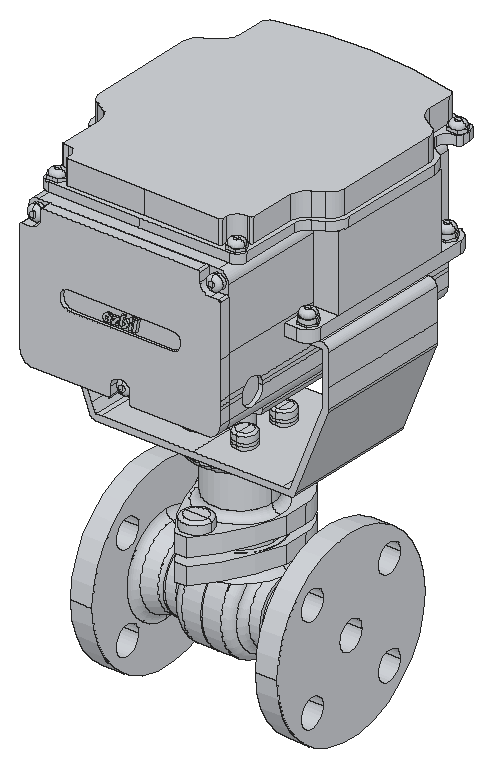
Revit family "電動二方弁(ロゴあり)", category Electrical Equipment, Revit 2020
Family settings
  Round Connector Dimension = Use Diameter
  Part Type = Other Panel
  OmniClass Number = 23.80.30.11.17
  OmniClass Title = Distribution Boards and Control Panels
  Work Plane-Based = No
  Always vertical = Yes
  Cut with Voids When Loaded = No
  Shared = No
  Room Calculation Point = No
Parameters
  配線φ(左側) [instance] = 14.031 mm
  配線φ(右側) [instance] = 14.031 mm
  配管φ [instance] = 95 mm
  配管2φ [instance] = 95 mm
  IfcObjectType = ""
  IfcName = ""
  IfcLongName = ""
  IfcExportType = ""
  IfcExportAs = ""
  IfcDescription = ""
  Default Elevation = 0 mm
Reference planes
  plane 1 "中心(正面/背面)": y = 0
  plane 2: z = 0
  plane 3 "中心(左/右)": x = 0
Forms (mm)
  Extrusion 1, solid
    sketch origin (0, 0, -77.064) x (0, 1, 0) y (0, 0, 1)
      loop
        circle (0, 124.5) r 47.5
    from 45.882 to 56.882
  Extrusion 2, void
    sketch origin (0, 0, -77) x (0, 1, 0) y (0, 0, 1)
      loop
        circle (-24.749, 149.249) r 7.5
    from 45.882 to 56.882
  Extrusion 3, void
    sketch origin (0, 49.497, -77) x (0, 1, 0) y (0, 0, 1)
      loop
        circle (-24.749, 149.249) r 7.5
    from 45.882 to 56.882
  Extrusion 4, void
    sketch origin (0, 0, -126.498) x (0, 1, 0) y (0, 0, 1)
      loop
        circle (-24.749, 149.249) r 7.5
    from 45.882 to 56.882
  Extrusion 5, void
    sketch origin (0, 49.497, -126.498) x (0, 1, 0) y (0, 0, 1)
      loop
        circle (-24.749, 149.249) r 7.5
    from 45.882 to 56.882
  Extrusion 6, void
    sketch origin (0, 24.749, -101.749) x (0, 1, 0) y (0, 0, 1)
      loop
        circle (-24.749, 149.249) r 7.5
    from 45.882 to 56.882
  Extrusion 7, solid
    sketch origin (-95, 0, -77.064) x (0, 1, 0) y (0, 0, 1)
      loop
        circle (0, 124.5) r 47.5
    from 45.882 to 56.882
  Extrusion 8, void
    sketch origin (-95, 0, -77) x (0, 1, 0) y (0, 0, 1)
      loop
        circle (-24.749, 149.249) r 7.5
    from 45.882 to 56.882
  Extrusion 9, solid
    sketch origin (0.118, 0, 0) x (1, 0, 0) y (0, 0, 1)
      loop
        line (-51.618, 196.3) -> (-51.618, 199.5) -> (-66.618, 199.5)
        arc (-66.618, 199.5) -> (-69.235, 198.416) -> (-70.318, 195.8) r 3.7
        line (-70.318, 195.8) -> (-70.318, 179.5) -> (-70.318, 169.594)
        arc (-70.318, 169.594) -> (-70.255, 168.913) -> (-70.068, 168.255) r 3.7
        line (-70.068, 168.255) -> (-53.226, 124.861)
        arc (-53.226, 124.861) -> (-51.866, 123.147) -> (-49.776, 122.5) r 3.7
        line (-49.776, 122.5) -> (49.539, 122.5)
        arc (49.539, 122.5) -> (51.629, 123.147) -> (52.989, 124.861) r 3.7
        line (52.989, 124.861) -> (69.831, 168.255)
        arc (69.831, 168.255) -> (70.018, 168.913) -> (70.082, 169.594) r 3.7
        line (70.082, 169.594) -> (70.082, 179.5) -> (70.082, 195.8)
        arc (70.082, 195.8) -> (68.998, 198.416) -> (66.382, 199.5) r 3.7
        line (66.382, 199.5) -> (51.182, 199.5) -> (51.182, 196.3) -> (66.382, 196.3)
        arc (66.382, 196.3) -> (66.735, 196.154) -> (66.882, 195.8) r 0.5
        line (66.882, 195.8) -> (66.882, 169.5) -> (64.355, 162.99) -> (49.882, 125.7) -> (46.449, 125.7) -> (-0.118, 125.7) -> (-46.686, 125.7) -> (-50.118, 125.7) -> (-51.928, 130.361) -> (-64.592, 162.99) -> (-67.118, 169.5) -> (-67.118, 195.8)
        arc (-67.118, 195.8) -> (-66.972, 196.154) -> (-66.618, 196.3) r 0.5
        line (-66.618, 196.3) -> (-51.618, 196.3)
    from -38.424 to 30.5
  Extrusion 10, solid
    sketch origin (0, -461.789, 0) x (1, 0, 0) y (0, 1, 0)
      loop
        arc (0, 545.194) -> (-22.618, 543.895) -> (-44.938, 540.014) r 197.5
        arc (-44.938, 540.014) -> (-47.717, 538.253) -> (-48.8, 535.145) r 5
        line (-48.8, 535.145) -> (-48.8, 522.279)
        arc (-48.8, 522.279) -> (-50.006, 517.779) -> (-53.3, 514.485) r 9
        line (-53.3, 514.485) -> (-58.8, 511.309)
        arc (-58.8, 511.309) -> (-61.728, 508.381) -> (-62.8, 504.381) r 8
        line (-62.8, 504.381) -> (-62.8, 450.408)
        arc (-62.8, 450.408) -> (-61.728, 446.408) -> (-58.8, 443.479) r 8
        line (-58.8, 443.479) -> (-53.3, 440.304)
        arc (-53.3, 440.304) -> (-50.006, 437.01) -> (-48.8, 432.51) r 9
        line (-48.8, 432.51) -> (-48.8, 409.394)
        arc (-48.8, 409.394) -> (-48.507, 408.687) -> (-47.8, 408.394) r 1
        line (-47.8, 408.394) -> (-46, 408.394)
        arc (-46, 408.394) -> (-41.757, 406.637) -> (-40, 402.394) r 6
        line (-40, 402.394) -> (-40, 400.594)
        arc (-40, 400.594) -> (-39.707, 399.887) -> (-39, 399.594) r 1
        line (-39, 399.594) -> (0, 399.594) -> (39, 399.594)
        arc (39, 399.594) -> (39.707, 399.887) -> (40, 400.594) r 1
        line (40, 400.594) -> (40, 402.394)
        arc (40, 402.394) -> (41.757, 406.637) -> (46, 408.394) r 6
        line (46, 408.394) -> (47.8, 408.394)
        arc (47.8, 408.394) -> (48.507, 408.687) -> (48.8, 409.394) r 1
        line (48.8, 409.394) -> (48.8, 432.51)
        arc (48.8, 432.51) -> (50.006, 437.01) -> (53.3, 440.304) r 9
        line (53.3, 440.304) -> (58.8, 443.479)
        arc (58.8, 443.479) -> (61.728, 446.408) -> (62.8, 450.408) r 8
        line (62.8, 450.408) -> (62.8, 504.381)
        arc (62.8, 504.381) -> (61.728, 508.381) -> (58.8, 511.309) r 8
        line (58.8, 511.309) -> (53.3, 514.485)
        arc (53.3, 514.485) -> (50.006, 517.779) -> (48.8, 522.279) r 9
        line (48.8, 522.279) -> (48.8, 535.145)
        arc (48.8, 535.145) -> (47.717, 538.253) -> (44.938, 540.014) r 5
        arc (44.938, 540.014) -> (22.618, 543.895) -> (0, 545.194) r 197.5
    from 248.5 to 260.5
  Extrusion 11, solid
    sketch origin (0, -461.789, 0) x (1, 0, 0) y (0, 1, 0)
      loop
        arc (0, 547.894) -> (-28.126, 545.907) -> (-55.692, 539.984) r 200
        arc (-55.692, 539.984) -> (-58.298, 538.185) -> (-59.3, 535.182) r 5
        line (-59.3, 535.182) -> (-59.3, 531.092)
        arc (-59.3, 531.092) -> (-58.732, 529.695) -> (-57.35, 529.092) r 2
        arc (-57.35, 529.092) -> (-53.205, 527.284) -> (-51.5, 523.094) r 6
        line (-51.5, 523.094) -> (-51.5, 522.106)
        arc (-51.5, 522.106) -> (-52.304, 519.106) -> (-54.5, 516.909) r 6
        line (-54.5, 516.909) -> (-60.5, 513.445)
        arc (-60.5, 513.445) -> (-64.16, 509.785) -> (-65.5, 504.785) r 10
        line (-65.5, 504.785) -> (-65.5, 450.003)
        arc (-65.5, 450.003) -> (-64.16, 445.003) -> (-60.5, 441.343) r 10
        line (-60.5, 441.343) -> (-55, 438.168)
        arc (-55, 438.168) -> (-52.438, 435.606) -> (-51.5, 432.106) r 7
        line (-51.5, 432.106) -> (-51.5, 401.894)
        arc (-51.5, 401.894) -> (-50.036, 398.359) -> (-46.5, 396.894) r 5
        line (-46.5, 396.894) -> (0, 396.894) -> (46.5, 396.894)
        arc (46.5, 396.894) -> (50.036, 398.359) -> (51.5, 401.894) r 5
        line (51.5, 401.894) -> (51.5, 432.106)
        arc (51.5, 432.106) -> (52.438, 435.606) -> (55, 438.168) r 7
        line (55, 438.168) -> (60.5, 441.343)
        arc (60.5, 441.343) -> (64.16, 445.003) -> (65.5, 450.003) r 10
        line (65.5, 450.003) -> (65.5, 504.785)
        arc (65.5, 504.785) -> (64.16, 509.785) -> (60.5, 513.445) r 10
        line (60.5, 513.445) -> (54.5, 516.909)
        arc (54.5, 516.909) -> (52.304, 519.106) -> (51.5, 522.106) r 6
        line (51.5, 522.106) -> (51.5, 523.094)
        arc (51.5, 523.094) -> (53.205, 527.284) -> (57.35, 529.092) r 6
        arc (57.35, 529.092) -> (58.732, 529.695) -> (59.3, 531.092) r 2
        line (59.3, 531.092) -> (59.3, 535.182)
        arc (59.3, 535.182) -> (58.298, 538.185) -> (55.692, 539.984) r 5
        arc (55.692, 539.984) -> (28.126, 545.907) -> (0, 547.894) r 200
    from 244 to 248.5
  Extrusion 12, solid
    sketch origin (0, -461.789, 0) x (1, 0, 0) y (0, 1, 0)
      loop
        circle (-58, 432.394) r 4.25
    from 206.5 to 208.5
  Extrusion 13, solid
    sketch origin (0, -461.789, 0) x (1, 0, 0) y (0, 1, 0)
      loop
        line (-60.454, 436.644) -> (-62.907, 432.394) -> (-60.454, 428.144) -> (-55.546, 428.144) -> (-53.093, 432.394) -> (-55.546, 436.644) -> (-58, 436.644) -> (-60.454, 436.644)
    from 205.5 to 206.5
  Revolve 14, solid, detail levels fine
    sketch origin (91.963, -59.403, 0) x (1, 0, 0) y (0, 0, 1)
      loop
        arc (-47.868, 252.7) -> (-49.481, 251.883) -> (-49.776, 250.1) r 2
        line (-49.776, 250.1) -> (-46.118, 250.1) -> (-46.118, 252.7) -> (-47.868, 252.7)
      axis (-46.118, 252.7) -> (-46.118, 250.1)
    angle from 0 to 360
  Revolve 15, solid
    sketch origin (-0.037, -59.403, 0) x (1, 0, 0) y (0, 0, 1)
      loop
        arc (-47.868, 252.7) -> (-49.481, 251.883) -> (-49.776, 250.1) r 2
        line (-49.776, 250.1) -> (-46.118, 250.1) -> (-46.118, 252.7) -> (-47.868, 252.7)
      axis (-46.118, 252.7) -> (-46.118, 250.1)
    angle from 0 to 360
  Extrusion 16, solid
    sketch origin (0.118, -20, 0) x (1, 0, 0) y (0, 0, 1)
      loop
        line (-46.13, 233.5) -> (-50.618, 233.5)
        arc (-50.618, 233.5) -> (-51.326, 233.207) -> (-51.618, 232.5) r 1
        line (-51.618, 232.5) -> (-51.618, 206.5) -> (-51.618, 187.2) -> (-51.618, 184.874) -> (-51.618, 182.778) -> (-51.618, 176)
        arc (-51.618, 176) -> (-49.568, 171.05) -> (-44.618, 169) r 7
        line (-44.618, 169) -> (-6.118, 169)
        arc (-6.118, 169) -> (-5.411, 169.293) -> (-5.118, 170) r 1
        line (-5.118, 170) -> (-5.118, 174.5)
        arc (-5.118, 174.5) -> (-3.654, 178.036) -> (-0.118, 179.5) r 5
        arc (-0.118, 179.5) -> (3.417, 178.036) -> (4.882, 174.5) r 5
        line (4.882, 174.5) -> (4.882, 170)
        arc (4.882, 170) -> (5.174, 169.293) -> (5.882, 169) r 1
        line (5.882, 169) -> (44.382, 169)
        arc (44.382, 169) -> (49.331, 171.05) -> (51.382, 176) r 7
        line (51.382, 176) -> (51.382, 182.778) -> (51.382, 184.874) -> (51.382, 187.2) -> (51.382, 206.5) -> (51.382, 232.5)
        arc (51.382, 232.5) -> (51.089, 233.207) -> (50.382, 233.5) r 1
        line (50.382, 233.5) -> (45.893, 233.5)
        arc (45.893, 233.5) -> (42.358, 234.965) -> (40.893, 238.5) r 5
        line (40.893, 238.5) -> (40.893, 243)
        arc (40.893, 243) -> (40.601, 243.707) -> (39.893, 244) r 1
        line (39.893, 244) -> (-40.13, 244)
        arc (-40.13, 244) -> (-40.838, 243.707) -> (-41.13, 243) r 1
        line (-41.13, 243) -> (-41.13, 238.5)
        arc (-41.13, 238.5) -> (-42.595, 234.965) -> (-46.13, 233.5) r 5
    from 51.5 to 57
  Extrusion 17, solid
    sketch origin (0, 0, 0) x (1, 0, 0) y (0, 0, 1)
      loop
        line (-13.607, 161) -> (-13.607, 139.5) -> (-0.118, 139.5) -> (13.607, 139.5) -> (13.607, 161) -> (-0.118, 161) -> (-13.607, 161)
    from -13.607 to 13.607
  Revolve 18, solid
    sketch origin (0, 0, 0) x (0, 1, 0) y (0, 0, 1)
      loop
        line (-6, 137.956) -> (-6.5, 137.09) -> (-6.5, 125.7) -> (0, 125.7) -> (0, 137.956) -> (-6, 137.956)
      axis (0, 137.956) -> (0, 125.7)
    angle from 0 to 360
  Revolve 19, solid
    sketch origin (-12.5, 0, 0) x (0, 1, 0) y (0, 0, 1)
      loop
        arc (-16.752, 132.9) -> (-17.541, 132.594) -> (-18.025, 131.9) r 1.452
        line (-18.025, 131.9) -> (-18.025, 128.9) -> (-12.5, 128.9) -> (-12.5, 132.9) -> (-16.752, 132.9)
      axis (-12.5, 132.9) -> (-12.5, 128.9)
    angle from 0 to 360
  Extrusion 20, solid, detail levels fine
    sketch origin (103.688, -491.798, 0) x (1, 0, 0) y (0, 1, 0)
      loop
        line (-60.731, 436.165) -> (-62.907, 432.394) -> (-60.775, 428.7) -> (-55.225, 428.7) -> (-53.093, 432.394) -> (-55.269, 436.165) -> (-58, 436.165) -> (-60.731, 436.165)
    from 248.5 to 250.1
  Extrusion 21, solid
    sketch origin (11.688, -491.798, 0) x (1, 0, 0) y (0, 1, 0)
      loop
        line (-60.731, 436.165) -> (-62.907, 432.394) -> (-60.775, 428.7) -> (-55.225, 428.7) -> (-53.093, 432.394) -> (-55.269, 436.165) -> (-58, 436.165) -> (-60.731, 436.165)
    from 248.5 to 250.1
  Extrusion 22, solid
    sketch origin (0, 0, 0) x (1, 0, 0) y (0, 0, 1)
      loop
        arc (51.382, 238.7) -> (49.829, 242.448) -> (46.082, 244) r 5.3
        line (46.082, 244) -> (-46.318, 244)
        arc (-46.318, 244) -> (-50.066, 242.448) -> (-51.618, 238.7) r 5.3
        line (-51.618, 238.7) -> (-51.618, 206.5) -> (-51.618, 187.2) -> (-51.618, 184.874) -> (-51.618, 182.778) -> (-51.618, 176)
        arc (-51.618, 176) -> (-49.568, 171.05) -> (-44.618, 169) r 7
        line (-44.618, 169) -> (-0.118, 169) -> (44.382, 169)
        arc (44.382, 169) -> (49.331, 171.05) -> (51.382, 176) r 7
        line (51.382, 176) -> (51.382, 182.778) -> (51.382, 184.874) -> (51.382, 187.2) -> (51.382, 206.5) -> (51.382, 238.7)
    from -69.008 to 71.5
  Extrusion 23, solid, detail levels medium+fine
    sketch origin (0, 0, 0) x (1, 0, 0) y (0, 0, 1)
      loop
        arc (-56.98, 162.726) -> (-58.567, 164.386) -> (-60.863, 164.437) r 3
        line (-60.863, 164.437) -> (-64.592, 162.99) -> (-51.928, 130.361) -> (-48.199, 131.809)
        arc (-48.199, 131.809) -> (-46.539, 133.395) -> (-46.487, 135.691) r 3
        line (-46.487, 135.691) -> (-56.98, 162.726)
    from -4.258 to 4.152
  Revolve 24, solid
    sketch origin (0, 0, 0) x (1, 0, 0) y (0, 0, 1)
      loop
        line (-27.754, 65.728) -> (-34.829, 68.303)
        arc (-34.829, 68.303) -> (-37.214, 70.133) -> (-38.118, 73.001) r 5
        line (-38.118, 73.001) -> (-38.118, 47.5) -> (-24.643, 47.5) -> (-24.643, 65.897)
        arc (-24.643, 65.897) -> (-26.18, 65.505) -> (-27.754, 65.728) r 4
      axis (-38.118, 47.5) -> (-24.643, 47.5)
    angle from 0 to 360
  Revolve 25, solid
    sketch origin (0, 0, 0) x (1, 0, 0) y (0, 0, 1)
      loop
        line (45.882, 47.5) -> (24.643, 47.5) -> (24.643, 30.5) -> (31.652, 30.5) -> (38.006, 30.5)
        arc (38.006, 30.5) -> (40.717, 30.126) -> (43.224, 29.03) r 10
        arc (43.224, 29.03) -> (45.166, 27.191) -> (45.882, 24.613) r 5
        line (45.882, 24.613) -> (45.882, 47.5)
      axis (24.643, 47.5) -> (45.882, 47.5)
    angle from 0 to 360
  Revolve 26, solid
    sketch origin (0, 0, 0) x (1, 0, 0) y (0, 0, 1)
      loop
        line (-24.643, 47.5) -> (-24.643, 29.5) -> (-18.893, 29.5)
        arc (-18.893, 29.5) -> (-16.399, 28.627) -> (-14.994, 26.389) r 4
        arc (-14.994, 26.389) -> (-13.237, 23.591) -> (-10.118, 22.5) r 5
        line (-10.118, 22.5) -> (0, 22.5) -> (0, 47.5) -> (-24.643, 47.5)
      axis (0, 47.5) -> (-24.643, 47.5)
    angle from 0 to 360
  Revolve 27, solid
    sketch origin (0, 0, 0) x (-1, 0, 0) y (0, 0, 1)
      loop
        line (-24.643, 47.5) -> (-24.643, 29.5) -> (-18.893, 29.5)
        arc (-18.893, 29.5) -> (-16.399, 28.627) -> (-14.994, 26.389) r 4
        arc (-14.994, 26.389) -> (-13.237, 23.591) -> (-10.118, 22.5) r 5
        line (-10.118, 22.5) -> (0, 22.5) -> (0, 47.5) -> (-24.643, 47.5)
      axis (0, 47.5) -> (-24.643, 47.5)
    angle from 0 to 360
  Revolve 28, solid
    sketch origin (-12.5, 0, 0) x (0, 1, 0) y (0, 0, 1)
      loop
        line (-18.025, 128.9) -> (-18.025, 127.3) -> (-18.025, 125.7) -> (-12.5, 125.7) -> (-12.5, 128.9) -> (-18.025, 128.9)
      axis (-12.5, 128.9) -> (-12.5, 125.7)
    angle from 0 to 360
  Revolve 29, solid
    sketch origin (-12.5, 25, 0) x (0, 1, 0) y (0, 0, 1)
      loop
        arc (-16.752, 132.9) -> (-17.541, 132.594) -> (-18.025, 131.9) r 1.452
        line (-18.025, 131.9) -> (-18.025, 128.9) -> (-12.5, 128.9) -> (-12.5, 132.9) -> (-16.752, 132.9)
      axis (-12.5, 132.9) -> (-12.5, 128.9)
    angle from 0 to 360
  Revolve 30, solid
    sketch origin (-12.5, 25, 0) x (0, 1, 0) y (0, 0, 1)
      loop
        line (-18.025, 128.9) -> (-18.025, 127.3) -> (-18.025, 125.7) -> (-12.5, 125.7) -> (-12.5, 128.9) -> (-18.025, 128.9)
      axis (-12.5, 128.9) -> (-12.5, 125.7)
    angle from 0 to 360
  Revolve 31, solid
    sketch origin (12.5, 0, 0) x (0, 1, 0) y (0, 0, 1)
      loop
        arc (-16.752, 132.9) -> (-17.541, 132.594) -> (-18.025, 131.9) r 1.452
        line (-18.025, 131.9) -> (-18.025, 128.9) -> (-12.5, 128.9) -> (-12.5, 132.9) -> (-16.752, 132.9)
      axis (-12.5, 132.9) -> (-12.5, 128.9)
    angle from 0 to 360
  Revolve 32, solid
    sketch origin (12.5, 0, 0) x (0, 1, 0) y (0, 0, 1)
      loop
        line (-18.025, 128.9) -> (-18.025, 127.3) -> (-18.025, 125.7) -> (-12.5, 125.7) -> (-12.5, 128.9) -> (-18.025, 128.9)
      axis (-12.5, 128.9) -> (-12.5, 125.7)
    angle from 0 to 360
  Revolve 33, solid
    sketch origin (12.5, 25, 0) x (0, 1, 0) y (0, 0, 1)
      loop
        arc (-16.752, 132.9) -> (-17.541, 132.594) -> (-18.025, 131.9) r 1.452
        line (-18.025, 131.9) -> (-18.025, 128.9) -> (-12.5, 128.9) -> (-12.5, 132.9) -> (-16.752, 132.9)
      axis (-12.5, 132.9) -> (-12.5, 128.9)
    angle from 0 to 360
  Revolve 34, solid
    sketch origin (12.5, 25, 0) x (0, 1, 0) y (0, 0, 1)
      loop
        line (-18.025, 128.9) -> (-18.025, 127.3) -> (-18.025, 125.7) -> (-12.5, 125.7) -> (-12.5, 128.9) -> (-18.025, 128.9)
      axis (-12.5, 128.9) -> (-12.5, 125.7)
    angle from 0 to 360
  Revolve 35, solid
    sketch origin (0, 0, 0) x (1, 0, 0) y (0, 0, 1)
      loop
        line (-4.75, 139.5) -> (-4.75, 137.956) -> (0, 137.956) -> (0, 139.5) -> (-4.75, 139.5)
      axis (0, 139.5) -> (0, 137.956)
    angle from 0 to 360
  Revolve 36, solid
    sketch origin (0, 0, 0) x (1, 0, 0) y (0, 0, 1)
      loop
        line (0, 77) -> (-20, 77) -> (-20, 73.103)
        arc (-20, 73.103) -> (-21.527, 68.402) -> (-25.524, 65.495) r 8
        line (-25.524, 65.495) -> (-18.847, 65.495)
        arc (-18.847, 65.495) -> (-16.351, 66.373) -> (-14.953, 68.62) r 3.988
        arc (-14.953, 68.62) -> (-13.31, 71.404) -> (-10.268, 72.5) r 4.769
        line (-10.268, 72.5) -> (0, 72.5) -> (0, 77)
      axis (0, 77) -> (0, 65.495)
    angle from 0 to 360
  Extrusion 37, solid
    sketch origin (0, 0, 0) x (1, 0, 0) y (0, 0, 1)
      loop
        line (-47, 169.152) -> (-47, 167.5)
        arc (-47, 167.5) -> (-46.121, 165.379) -> (-44, 164.5) r 3
        line (-44, 164.5) -> (44, 164.5)
        arc (44, 164.5) -> (46.121, 165.379) -> (47, 167.5) r 3
        line (47, 167.5) -> (47, 169.462)
        arc (47, 169.462) -> (45.784, 169.119) -> (44.525, 169) r 7
        line (44.525, 169) -> (-42.442, 169)
        arc (-42.442, 169) -> (-44.734, 168.695) -> (-47, 169.152) r 7
    from -44 to 44
  Revolve 38, solid
    sketch origin (0, -28, 0) x (1, 0, 0) y (0, 0, 1)
      loop
        line (0, 95.717) -> (-5.688, 95.717)
        arc (-5.688, 95.717) -> (-6.779, 95.427) -> (-7.583, 94.633) r 2.201
        line (-7.583, 94.633) -> (-7.583, 90.3) -> (0, 90.3) -> (0, 95.717)
      axis (0, 95.717) -> (0, 90.3)
    angle from 0 to 360
  Revolve 39, solid
    sketch origin (0, 0, 0) x (1, 0, 0) y (0, 0, 1)
      loop
        arc (-18.5, 115.3) -> (-17.086, 114.714) -> (-16.5, 113.3) r 2
        line (-16.5, 113.3) -> (-16.5, 94.3)
        arc (-16.5, 94.3) -> (-17.672, 91.472) -> (-20.5, 90.3) r 4
        line (-20.5, 90.3) -> (0, 90.3) -> (0, 115.3) -> (-18.5, 115.3)
      axis (0, 90.3) -> (0, 115.3)
    angle from 0 to 360
  Revolve 40, solid, detail levels fine
    sketch origin (0, 0, 0) x (1, 0, 0) y (0, 0, 1)
      loop
        line (-4, 81.3) -> (-4, 77) -> (0, 77) -> (0, 81.3) -> (-4, 81.3)
      axis (0, 77) -> (0, 81.3)
    angle from 0 to 360
  Extrusion 41, solid
    sketch origin (0, -461.789, 210) x (1, 0, 0) y (0, 1, 0)
      loop
        line (65, 432.394) -> (65, 522.394)
        arc (65, 522.394) -> (63.715, 526.436) -> (60.333, 528.994) r 7
        arc (60.333, 528.994) -> (59.578, 529.473) -> (59.107, 530.234) r 2
        arc (59.107, 530.234) -> (58.39, 529.415) -> (57.35, 529.092) r 2
        arc (57.35, 529.092) -> (53.205, 527.284) -> (51.5, 523.094) r 6
        line (51.5, 523.094) -> (51.5, 425.394) -> (58, 425.394)
        arc (58, 425.394) -> (62.95, 427.445) -> (65, 432.394) r 7
    from -10.5 to -4.5
  Extrusion 42, solid
    sketch origin (0, -461.789, 210) x (-1, 0, 0) y (0, -1, 0)
      loop
        arc (65, -432.394) -> (62.95, -427.445) -> (58, -425.394) r 7
        line (58, -425.394) -> (51.5, -425.394) -> (51.5, -523.094)
        arc (51.5, -523.094) -> (53.205, -527.284) -> (57.35, -529.092) r 6
        arc (57.35, -529.092) -> (58.39, -529.415) -> (59.107, -530.234) r 2
        arc (59.107, -530.234) -> (59.578, -529.473) -> (60.333, -528.994) r 2
        arc (60.333, -528.994) -> (63.715, -526.436) -> (65, -522.394) r 7
        line (65, -522.394) -> (65, -432.394)
    from -10.5 to -4.5
  Extrusion 43, solid, detail levels medium+fine
    sketch origin (0, 0, 0) x (-1, 0, 0) y (0, 0, -1)
      loop
        line (-56.98, -162.726) -> (-46.487, -135.691)
        arc (-46.487, -135.691) -> (-46.539, -133.395) -> (-48.199, -131.809) r 3
        line (-48.199, -131.809) -> (-51.928, -130.361) -> (-64.592, -162.99) -> (-60.863, -164.437)
        arc (-60.863, -164.437) -> (-58.567, -164.386) -> (-56.98, -162.726) r 3
    from -4.258 to 4.152
  Extrusion 44, solid
    sketch origin (0, 0, 0) x (1, 0, 0) y (0, 0, 1)
      loop
        line (-28.5, 161) -> (28.5, 161) -> (28.5, 161.788) -> (-28.5, 161.788) -> (-28.5, 161)
    from -28.5 to 28.511
  Revolve 45, solid
    sketch origin (0, -30, 0) x (1, 0, 0) y (0, 0, 1)
      loop
        line (-60.5, 199.5) -> (-60.5, 197.236) -> (-58.25, 197.236) -> (-58.25, 199.5) -> (-60.5, 199.5)
      axis (-58.25, 199.5) -> (-58.25, 197.236)
    angle from 0 to 360
  Revolve 46, solid
    sketch origin (0, 60, 0) x (1, 0, 0) y (0, 0, 1)
      loop
        line (-60.5, 199.5) -> (-60.5, 197.236) -> (-58.25, 197.236) -> (-58.25, 199.5) -> (-60.5, 199.5)
      axis (-58.25, 199.5) -> (-58.25, 197.236)
    angle from 0 to 360
  Revolve 47, solid
    sketch origin (116.875, -30, 0) x (1, 0, 0) y (0, 0, 1)
      loop
        line (-60.5, 199.5) -> (-60.5, 197.236) -> (-58.25, 197.236) -> (-58.25, 199.5) -> (-60.5, 199.5)
      axis (-58.25, 199.5) -> (-58.25, 197.236)
    angle from 0 to 360
  Revolve 48, solid
    sketch origin (116.875, 60, 0) x (1, 0, 0) y (0, 0, 1)
      loop
        line (-60.5, 199.5) -> (-60.5, 197.236) -> (-58.25, 197.236) -> (-58.25, 199.5) -> (-60.5, 199.5)
      axis (-58.25, 199.5) -> (-58.25, 197.236)
    angle from 0 to 360
  Extrusion 49, solid
    sketch origin (-364.746, -162.773, 80.3) x (1, 0, 0) y (0, 1, 0)
      loop
        arc (341.746, 163.987) -> (349.545, 143.272) -> (361.7, 124.773) r 100.225
        line (361.7, 124.773) -> (367.792, 124.773)
        arc (367.792, 124.773) -> (379.948, 143.272) -> (387.746, 163.987) r 100.225
        line (387.746, 163.987) -> (387.746, 176.305)
        arc (387.746, 176.305) -> (383.257, 189.309) -> (371.7, 196.773) r 21.077
        line (371.7, 196.773) -> (357.792, 196.773)
        arc (357.792, 196.773) -> (346.236, 189.309) -> (341.746, 176.305) r 21.077
        line (341.746, 176.305) -> (341.746, 163.987)
    from 1 to 10
  Revolve 50, solid
    sketch origin (0, 0, 0) x (1, 0, 0) y (0, 0, 1)
      loop
        line (-25, 122.5) -> (-25, 117.3)
        arc (-25, 117.3) -> (-24.414, 115.886) -> (-23, 115.3) r 2
        line (-23, 115.3) -> (0, 115.3) -> (0, 122.5) -> (-25, 122.5)
      axis (0, 115.3) -> (0, 122.5)
    angle from 0 to 360
  Extrusion 51, solid
    sketch origin (-364.746, -162.773, 67) x (1, 0, 0) y (0, 1, 0)
      loop
        arc (341.746, 163.987) -> (349.545, 143.272) -> (361.7, 124.773) r 100.225
        line (361.7, 124.773) -> (367.792, 124.773)
        arc (367.792, 124.773) -> (379.948, 143.272) -> (387.746, 163.987) r 100.225
        line (387.746, 163.987) -> (387.746, 176.305)
        arc (387.746, 176.305) -> (383.257, 189.309) -> (371.7, 196.773) r 21.077
        line (371.7, 196.773) -> (357.792, 196.773)
        arc (357.792, 196.773) -> (346.236, 189.309) -> (341.746, 176.305) r 21.077
        line (341.746, 176.305) -> (341.746, 163.987)
    from 1 to 10
  Revolve 52, solid, detail levels medium+fine
    sketch origin (-13.227, 0, 0) x (1, 0, 0) y (0, 0, 1)
      loop
        line (-4.273, 81.3) -> (-4.273, 77) -> (13.227, 77) -> (13.227, 81.3) -> (-4.273, 81.3)
      axis (13.227, 77) -> (13.227, 81.3)
    angle from 0 to 360
  Extrusion 53, void
    sketch origin (-95, 49.497, -77) x (0, 1, 0) y (0, 0, 1)
      loop
        circle (-24.749, 149.249) r 7.5
    from 45.882 to 56.882
  Extrusion 54, void
    sketch origin (-95, 49.497, -126.498) x (0, 1, 0) y (0, 0, 1)
      loop
        circle (-24.749, 149.249) r 7.5
    from 45.882 to 56.882
  Extrusion 55, void
    sketch origin (0, 0, -126.498) x (0, 1, 0) y (0, 0, 1)
      loop
        circle (-24.749, 149.249) r 7.5
    from 45.882 to 56.882
  Extrusion 56, void
    sketch origin (-95, 0, -126.498) x (0, 1, 0) y (0, 0, 1)
      loop
        circle (-24.749, 149.249) r 7.5
    from 45.882 to 56.882
  Extrusion 57, void
    sketch origin (-95, 24.749, -101.749) x (0, 1, 0) y (0, 0, 1)
      loop
        circle (-24.749, 149.249) r 7.5
    from 45.882 to 56.882
  Revolve 58, solid
    sketch origin (-46.056, 5.5, 0) x (0, 1, 0) y (0, 0, 1)
      loop
        arc (-78.6, 242.158) -> (-80.383, 241.863) -> (-81.2, 240.25) r 2
        line (-81.2, 240.25) -> (-81.2, 238.5) -> (-78.6, 238.5) -> (-78.6, 242.158)
      axis (-78.6, 238.5) -> (-81.2, 238.5)
    angle from 0 to 360
  Revolve 59, solid
    sketch origin (-46.014, 5.5, 0) x (0, 1, 0) y (0, 0, 1)
      loop
        line (-78.6, 242.25) -> (-78.6, 238.5) -> (-77, 238.5) -> (-77, 242.25) -> (-78.6, 242.25)
      axis (-78.6, 238.5) -> (-77, 238.5)
    angle from 0 to 360
  Revolve 60, solid
    sketch origin (45.944, 5.5, 0) x (0, 1, 0) y (0, 0, 1)
      loop
        arc (-78.6, 242.158) -> (-80.383, 241.863) -> (-81.2, 240.25) r 2
        line (-81.2, 240.25) -> (-81.2, 238.5) -> (-78.6, 238.5) -> (-78.6, 242.158)
      axis (-78.6, 238.5) -> (-81.2, 238.5)
    angle from 0 to 360
  Revolve 61, solid
    sketch origin (45.986, 5.5, 0) x (0, 1, 0) y (0, 0, 1)
      loop
        line (-78.6, 242.25) -> (-78.6, 238.5) -> (-77, 238.5) -> (-77, 242.25) -> (-78.6, 242.25)
      axis (-78.6, 238.5) -> (-77, 238.5)
    angle from 0 to 360
  Revolve 62, solid
    sketch origin (-0.056, 5.5, -64) x (0, 1, 0) y (0, 0, 1)
      loop
        arc (-78.6, 242.158) -> (-80.383, 241.863) -> (-81.2, 240.25) r 2
        line (-81.2, 240.25) -> (-81.2, 238.5) -> (-78.6, 238.5) -> (-78.6, 242.158)
      axis (-78.6, 238.5) -> (-81.2, 238.5)
    angle from 0 to 360
  Revolve 63, solid
    sketch origin (-0.014, 5.5, -64) x (0, 1, 0) y (0, 0, 1)
      loop
        line (-78.6, 242.25) -> (-78.6, 238.5) -> (-77, 238.5) -> (-77, 242.25) -> (-78.6, 242.25)
      axis (-78.6, 238.5) -> (-77, 238.5)
    angle from 0 to 360
  Extrusion 64, solid
    sketch origin (0, 0, 0) x (1, 0, 0) y (0, 0, 1)
      loop
        line (-65, 244) -> (-65, 205.5) -> (-51.618, 205.5) -> (-51.618, 238.7)
        arc (-51.618, 238.7) -> (-50.066, 242.448) -> (-46.318, 244) r 5.3
        line (-46.318, 244) -> (-65, 244)
    from -47.676 to 17.676
  Extrusion 65, solid
    sketch origin (0, 0, 0) x (-1, 0, 0) y (0, 0, -1)
      loop
        line (-65, -244) -> (-46.318, -244)
        arc (-46.318, -244) -> (-50.066, -242.448) -> (-51.618, -238.7) r 5.3
        line (-51.618, -238.7) -> (-51.618, -205.5) -> (-65, -205.5) -> (-65, -244)
    from -47.676 to 17.676
  Extrusion 66, solid
    sketch origin (0, -80.547, 0) x (1, 0, 0) y (0, 0, 1)
      loop
        line (2.028, 209.479) -> (0.657, 209.479) -> (-0.164, 205.244)
        arc (-0.164, 205.244) -> (-0.148, 204.505) -> (0.171, 203.837) r 1.754
        arc (0.171, 203.837) -> (1.022, 203.478) -> (1.944, 203.525) r 2.069
        arc (1.944, 203.525) -> (3.516, 204.557) -> (4.213, 206.303) r 3.13
        arc (4.213, 206.303) -> (3.45, 207.476) -> (2.05, 207.488) r 1.479
        line (2.05, 207.488) -> (1.419, 206.337) -> (2.028, 209.479)
      loop
        line (7.636, 209.479) -> (6.586, 203.521) -> (7.957, 203.521) -> (9.008, 209.479) -> (7.636, 209.479)
      loop
        line (5.782, 203.521) -> (6.389, 206.963)
        arc (6.389, 206.963) -> (5.696, 206.683) -> (4.953, 206.603) r 2.712
        line (4.953, 206.603) -> (4.41, 203.521) -> (5.782, 203.521)
      loop
        line (-4.41, 203.521) -> (-0.981, 203.521) -> (-0.781, 204.656) -> (-2.4, 204.656) -> (-0.508, 206.642) -> (-0.342, 207.493) -> (-3.677, 207.493) -> (-3.877, 206.358) -> (-2.297, 206.358) -> (-4.254, 204.401) -> (-4.41, 203.521)
      loop
        arc (-4.811, 205.09) -> (-4.628, 206.587) -> (-5.775, 207.566) r 1.594
        arc (-5.775, 207.566) -> (-7.883, 206.92) -> (-8.997, 205.017) r 3.033
        arc (-8.997, 205.017) -> (-8.305, 203.731) -> (-6.863, 203.502) r 1.646
        line (-6.863, 203.502) -> (-6.23, 204.656) -> (-6.372, 203.521) -> (-4.978, 203.521)
        arc (-4.978, 203.521) -> (-4.916, 204.308) -> (-4.811, 205.09) r 14.52
      loop
        spline (4.823, 207.767) -> (4.981, 207.669) -> (5.188, 207.637) -> (5.429, 207.673) -> (5.689, 207.775) -> (5.949, 207.936) -> (6.192, 208.146) -> (6.401, 208.389) -> (6.562, 208.649) -> (6.665, 208.909) -> (6.701, 209.15) -> (6.669, 209.357) -> (6.571, 209.514)
        spline (6.571, 209.514) -> (6.413, 209.613) -> (6.206, 209.645) -> (5.965, 209.609) -> (5.705, 209.506) -> (5.445, 209.345) -> (5.202, 209.136) -> (4.993, 208.893) -> (4.831, 208.632) -> (4.729, 208.373) -> (4.693, 208.131) -> (4.725, 207.925) -> (4.823, 207.767)
    from -4.5 to -3.547
  Extrusion 67, void
    sketch origin (0.074, -80.21, 0) x (1, 0, 0) y (0, 0, 1)
      loop
        spline (-7.641, 204.685) -> (-7.501, 204.603) -> (-7.315, 204.582) -> (-7.094, 204.626) -> (-6.854, 204.73) -> (-6.611, 204.887) -> (-6.381, 205.088) -> (-6.181, 205.318) -> (-6.023, 205.561) -> (-5.919, 205.801) -> (-5.875, 206.022) -> (-5.896, 206.208) -> (-5.978, 206.347)
        spline (-5.978, 206.347) -> (-6.117, 206.43) -> (-6.304, 206.45) -> (-6.525, 206.407) -> (-6.765, 206.303) -> (-7.008, 206.145) -> (-7.238, 205.945) -> (-7.438, 205.715) -> (-7.596, 205.472) -> (-7.7, 205.231) -> (-7.743, 205.011) -> (-7.723, 204.824) -> (-7.641, 204.685)
      loop
        spline (1.155, 204.646) -> (1.294, 204.563) -> (1.48, 204.543) -> (1.701, 204.587) -> (1.941, 204.691) -> (2.184, 204.848) -> (2.414, 205.049) -> (2.615, 205.278) -> (2.772, 205.522) -> (2.876, 205.762) -> (2.92, 205.983) -> (2.899, 206.169) -> (2.817, 206.308)
        spline (2.817, 206.308) -> (2.678, 206.391) -> (2.491, 206.411) -> (2.27, 206.368) -> (2.03, 206.264) -> (1.787, 206.106) -> (1.557, 205.906) -> (1.357, 205.676) -> (1.199, 205.433) -> (1.095, 205.192) -> (1.052, 204.972) -> (1.072, 204.785) -> (1.155, 204.646)
    from -4.163 to -2.257
  Extrusion 68, void
    sketch origin (290.159, 0, 0) x (1, 0, 0) y (0, 0, 1)
      loop
        line (-264, 211.5) -> (-316, 211.5)
        arc (-316, 211.5) -> (-321, 206.5) -> (-316, 201.5) r 5
        line (-316, 201.5) -> (-264, 201.5)
        arc (-264, 201.5) -> (-259, 206.5) -> (-264, 211.5) r 5
    from 75.124 to 77
  Revolve 69, solid
    sketch origin (-11.91, -29.395, -41.6) x (1, 0, 0) y (0, 0, 1)
      loop
        arc (-47.868, 253.422) -> (-49.691, 252.245) -> (-49.37, 250.1) r 2
        line (-49.37, 250.1) -> (-46.118, 250.1) -> (-46.118, 253.422) -> (-47.868, 253.422)
      axis (-46.118, 253.422) -> (-46.118, 250.1)
    angle from 0 to 360
  Extrusion 70, solid
    sketch origin (0, -372.414, 0) x (1, 0, 0) y (0, 1, 0)
      loop
        circle (-58, 432.394) r 4.25
    from 206.5 to 208.5
  Extrusion 71, solid
    sketch origin (0, -372.414, 0) x (1, 0, 0) y (0, 1, 0)
      loop
        line (-60.454, 436.644) -> (-62.907, 432.394) -> (-60.454, 428.144) -> (-55.546, 428.144) -> (-53.093, 432.394) -> (-55.546, 436.644) -> (-58, 436.644) -> (-60.454, 436.644)
    from 205.5 to 206.5
  Revolve 72, solid
    sketch origin (-11.91, 59.98, -41.6) x (1, 0, 0) y (0, 0, 1)
      loop
        arc (-47.868, 253.422) -> (-49.691, 252.245) -> (-49.37, 250.1) r 2
        line (-49.37, 250.1) -> (-46.118, 250.1) -> (-46.118, 253.422) -> (-47.868, 253.422)
      axis (-46.118, 253.422) -> (-46.118, 250.1)
    angle from 0 to 360
  Extrusion 73, solid
    sketch origin (116.5, -461.789, 0) x (1, 0, 0) y (0, 1, 0)
      loop
        circle (-58, 432.394) r 4.25
    from 206.5 to 208.5
  Extrusion 74, solid
    sketch origin (116.5, -461.789, 0) x (1, 0, 0) y (0, 1, 0)
      loop
        line (-60.454, 436.644) -> (-62.907, 432.394) -> (-60.454, 428.144) -> (-55.546, 428.144) -> (-53.093, 432.394) -> (-55.546, 436.644) -> (-58, 436.644) -> (-60.454, 436.644)
    from 205.5 to 206.5
  Revolve 75, solid
    sketch origin (104.59, -29.395, -41.6) x (1, 0, 0) y (0, 0, 1)
      loop
        arc (-47.868, 253.422) -> (-49.691, 252.245) -> (-49.37, 250.1) r 2
        line (-49.37, 250.1) -> (-46.118, 250.1) -> (-46.118, 253.422) -> (-47.868, 253.422)
      axis (-46.118, 253.422) -> (-46.118, 250.1)
    angle from 0 to 360
  Extrusion 76, solid
    sketch origin (116.5, -372.414, 0) x (1, 0, 0) y (0, 1, 0)
      loop
        circle (-58, 432.394) r 4.25
    from 206.5 to 208.5
  Extrusion 77, solid
    sketch origin (116.5, -372.414, 0) x (1, 0, 0) y (0, 1, 0)
      loop
        line (-60.454, 436.644) -> (-62.907, 432.394) -> (-60.454, 428.144) -> (-55.546, 428.144) -> (-53.093, 432.394) -> (-55.546, 436.644) -> (-58, 436.644) -> (-60.454, 436.644)
    from 205.5 to 206.5
  Revolve 78, solid
    sketch origin (104.59, 59.98, -41.6) x (1, 0, 0) y (0, 0, 1)
      loop
        arc (-47.868, 253.422) -> (-49.691, 252.245) -> (-49.37, 250.1) r 2
        line (-49.37, 250.1) -> (-46.118, 250.1) -> (-46.118, 253.422) -> (-47.868, 253.422)
      axis (-46.118, 253.422) -> (-46.118, 250.1)
    angle from 0 to 360
  Revolve 79, solid
    sketch origin (100.713, 71.847, 0) x (1, 0, 0) y (0, 0, 1)
      loop
        arc (-47.868, 252.7) -> (-49.481, 251.883) -> (-49.776, 250.1) r 2
        line (-49.776, 250.1) -> (-46.118, 250.1) -> (-46.118, 252.7) -> (-47.868, 252.7)
      axis (-46.118, 252.7) -> (-46.118, 250.1)
    angle from 0 to 360
  Revolve 80, solid
    sketch origin (-7.537, 71.847, 0) x (1, 0, 0) y (0, 0, 1)
      loop
        arc (-47.868, 252.7) -> (-49.481, 251.883) -> (-49.776, 250.1) r 2
        line (-49.776, 250.1) -> (-46.118, 250.1) -> (-46.118, 252.7) -> (-47.868, 252.7)
      axis (-46.118, 252.7) -> (-46.118, 250.1)
    angle from 0 to 360
  Extrusion 81, solid
    sketch origin (112.438, -360.548, 0) x (1, 0, 0) y (0, 1, 0)
      loop
        line (-60.731, 436.165) -> (-62.907, 432.394) -> (-60.775, 428.7) -> (-55.225, 428.7) -> (-53.093, 432.394) -> (-55.269, 436.165) -> (-58, 436.165) -> (-60.731, 436.165)
    from 248.5 to 250.1
  Extrusion 82, solid
    sketch origin (4.188, -360.548, 0) x (1, 0, 0) y (0, 1, 0)
      loop
        line (-60.731, 436.165) -> (-62.907, 432.394) -> (-60.775, 428.7) -> (-55.225, 428.7) -> (-53.093, 432.394) -> (-55.269, 436.165) -> (-58, 436.165) -> (-60.731, 436.165)
    from 248.5 to 250.1
  Extrusion 83, void
    sketch origin (0, 0, 0.741) x (0, 1, 0) y (0, 0, 1)
      loop
        circle (-56.39, 182.041) r 7.015
    from -51.618 to -48.8
  Extrusion 84, void
    sketch origin (0, 0, 0.741) x (0, 1, 0) y (0, 0, -1)
      loop
        circle (-56.39, -182.041) r 7.015
    from -51.618 to -48.8
Cuts and joins
  Extrusion 2, Extrusion 3, Extrusion 4, Extrusion 5, Extrusion 6, Extrusion 8, Extrusion 55 cuts Extrusion 1
  Extrusion 8, Extrusion 53, Extrusion 54, Extrusion 56, Extrusion 57 cuts Extrusion 7
  Extrusion 67, Extrusion 68 cuts Extrusion 16
  Extrusion 67 cuts Extrusion 66
  Extrusion 83, Extrusion 84 cuts Extrusion 22
Text (mm)
  text "100" at (1274.735, 860.036, 0), in view "参照レベル"
  text "0" at (1249.231, 860.036, 0), in view "参照レベル"
  text "82" at (1044.561, 945.199, 0), in view "参照レベル"
  text "85" at (1127.811, 945.199, 0), in view "参照レベル"
Dimensions and locks
  "配管φ": diameter of Extrusion 1 sketch curve
  "配管2φ": diameter of Extrusion 7 sketch curve
  "配線φ(左側)": diameter of Extrusion 83 sketch curve
  "配線φ(右側)": diameter of Extrusion 84 sketch curve
  aligned and locked: level to plane 2
  aligned and locked: Extrusion 1 to Extrusion 2  (x2)
  aligned and locked: Extrusion 7 to Extrusion 8  (x2)
  aligned and locked: Extrusion 11 to Extrusion 10
Automatic sketch dimensions
  plane 1 "中心(正面/背面)" to Extrusion 2 sketch curve = 24.749 mm
  level to Extrusion 2 sketch curve = 72.249 mm
  Extrusion 3 sketch curve to plane 1 "中心(正面/背面)" = 24.749 mm
  level to Extrusion 3 sketch curve = 72.249 mm
  plane 1 "中心(正面/背面)" to Extrusion 4 sketch curve = 24.749 mm
  level to Extrusion 4 sketch curve = 22.751 mm
  Extrusion 5 sketch curve to plane 1 "中心(正面/背面)" = 24.749 mm
  level to Extrusion 5 sketch curve = 22.751 mm
  Extrusion 6 sketch curve to plane 1 "中心(正面/背面)" = 0 mm
  level to Extrusion 6 sketch curve = 47.5 mm
  plane 1 "中心(正面/背面)" to Extrusion 8 sketch curve = 24.749 mm
  level to Extrusion 8 sketch curve = 72.249 mm
  Extrusion 9 sketch curve to Extrusion 9 sketch curve = 0 mm  (x4)
  Extrusion 9 sketch curve to plane 3 "中心(左/右)" = 0 mm
  Extrusion 9 sketch curve to plane 3 "中心(左/右)" = 46.567 mm
  Extrusion 9 sketch curve to Extrusion 9 sketch curve = 3.09 mm  (x2)
  Extrusion 9 sketch curve to Extrusion 9 sketch curve = 0.342 mm  (x2)
  Extrusion 9 sketch curve to plane 3 "中心(左/右)" = 51.5 mm
  Extrusion 9 sketch curve to Extrusion 9 sketch curve = 2.151 mm
  Extrusion 9 sketch curve to Extrusion 9 sketch curve = 3.107 mm  (x2)
  Extrusion 9 sketch curve to Extrusion 9 sketch curve = 12.664 mm
  Extrusion 9 sketch curve to Extrusion 9 sketch curve = 15 mm
  Extrusion 9 sketch curve to Extrusion 9 sketch curve = 2.027 mm  (x2)
  Extrusion 9 sketch curve to Extrusion 9 sketch curve = 0.5 mm  (x3)
  Extrusion 9 sketch curve to Extrusion 9 sketch curve = 2.949 mm  (x2)
  Extrusion 9 sketch curve to Extrusion 9 sketch curve = 0.251 mm  (x2)
  plane 3 "中心(左/右)" to Extrusion 9 sketch curve = 46.567 mm
  plane 3 "中心(左/右)" to Extrusion 9 sketch curve = 51.3 mm
  Extrusion 9 sketch curve to Extrusion 9 sketch curve = 13.173 mm
  Extrusion 9 sketch curve to Extrusion 9 sketch curve = 15.2 mm
  level to Extrusion 9 sketch curve = 122.5 mm
  Extrusion 9 sketch curve to Extrusion 9 sketch curve = 2.361 mm  (x2)
  Extrusion 9 sketch curve to Extrusion 9 sketch curve = 4.161 mm
  Extrusion 9 sketch curve to Extrusion 9 sketch curve = 32.629 mm
  Extrusion 9 sketch curve to Extrusion 9 sketch curve = 36.79 mm
  Extrusion 9 sketch curve to Extrusion 9 sketch curve = 5.265 mm  (x2)
  Extrusion 9 sketch curve to Extrusion 9 sketch curve = 0.094 mm  (x2)
  Extrusion 9 sketch curve to Extrusion 9 sketch curve = 9.906 mm  (x2)
  Extrusion 9 sketch curve to Extrusion 9 sketch curve = 16.3 mm  (x2)
  Extrusion 10 sketch curve to Extrusion 10 sketch curve = 0 mm  (x3)
  Extrusion 10 sketch curve to plane 3 "中心(左/右)" = 0 mm  (x2)
  Extrusion 10 sketch curve to plane 3 "中心(左/右)" = 39 mm
  Extrusion 10 sketch curve to Extrusion 10 sketch curve = 1 mm  (x4)
  Extrusion 10 sketch curve to plane 3 "中心(左/右)" = 43.8 mm
  Extrusion 10 sketch curve to Extrusion 10 sketch curve = 6 mm  (x2)
  Extrusion 10 sketch curve to Extrusion 10 sketch curve = 1.8 mm  (x3)
  Extrusion 10 sketch curve to Extrusion 10 sketch curve = 5 mm  (x2)
  plane 1 "中心(正面/背面)" to Extrusion 10 sketch curve = 21.485 mm  (x2)
  Extrusion 10 sketch curve to Extrusion 10 sketch curve = 4.5 mm  (x4)
  Extrusion 10 sketch curve to Extrusion 10 sketch curve = 1.5 mm  (x4)
  Extrusion 10 sketch curve to Extrusion 10 sketch curve = 9 mm  (x4)
  plane 1 "中心(正面/背面)" to Extrusion 10 sketch curve = 18.31 mm  (x2)
  Extrusion 10 sketch curve to Extrusion 10 sketch curve = 5.5 mm  (x4)
  Extrusion 10 sketch curve to Extrusion 10 sketch curve = 4 mm
  plane 3 "中心(左/右)" to Extrusion 10 sketch curve = 39 mm
  plane 3 "中心(左/右)" to Extrusion 10 sketch curve = 43.8 mm
  Extrusion 10 sketch curve to Extrusion 10 sketch curve = 8 mm
  Extrusion 10 sketch curve to Extrusion 10 sketch curve = 23.115 mm  (x2)
  Extrusion 10 sketch curve to Extrusion 10 sketch curve = 51.9 mm
  Extrusion 10 sketch curve to plane 1 "中心(正面/背面)" = 42.592 mm  (x2)
  Extrusion 10 sketch curve to Extrusion 10 sketch curve = 3.175 mm  (x2)
  Extrusion 10 sketch curve to Extrusion 10 sketch curve = 12.866 mm  (x2)
  Extrusion 11 sketch curve to Extrusion 11 sketch curve = 0 mm  (x5)
  Extrusion 11 sketch curve to plane 3 "中心(左/右)" = 0 mm  (x2)
  Extrusion 11 sketch curve to Extrusion 11 sketch curve = 46.5 mm
  Extrusion 11 sketch curve to Extrusion 11 sketch curve = 5 mm  (x4)
  Extrusion 11 sketch curve to plane 3 "中心(左/右)" = 51.5 mm
  Extrusion 11 sketch curve to Extrusion 11 sketch curve = 2.8 mm  (x2)
  Extrusion 11 sketch curve to Extrusion 11 sketch curve = 3 mm  (x4)
  plane 1 "中心(正面/背面)" to Extrusion 11 sketch curve = 23.621 mm  (x2)
  Extrusion 11 sketch curve to Extrusion 11 sketch curve = 3.5 mm  (x4)
  Extrusion 11 sketch curve to Extrusion 11 sketch curve = 0.5 mm  (x2)
  Extrusion 11 sketch curve to Extrusion 11 sketch curve = 1 mm  (x2)
  Extrusion 11 sketch curve to Extrusion 11 sketch curve = 6 mm  (x4)
  Extrusion 11 sketch curve to Extrusion 11 sketch curve = 2 mm  (x2)
  plane 1 "中心(正面/背面)" to Extrusion 11 sketch curve = 20.446 mm  (x2)
  Extrusion 11 sketch curve to Extrusion 11 sketch curve = 5.5 mm  (x2)
  plane 3 "中心(左/右)" to Extrusion 11 sketch curve = 46.5 mm
  plane 3 "中心(左/右)" to Extrusion 11 sketch curve = 51.5 mm
  Extrusion 11 sketch curve to Extrusion 11 sketch curve = 30.211 mm
  Extrusion 11 sketch curve to Extrusion 11 sketch curve = 49 mm
  Extrusion 11 sketch curve to plane 1 "中心(正面/背面)" = 42.996 mm  (x2)
  Extrusion 11 sketch curve to Extrusion 11 sketch curve = 3.464 mm  (x2)
  Extrusion 11 sketch curve to Extrusion 11 sketch curve = 0.989 mm  (x2)
  Extrusion 11 sketch curve to Extrusion 11 sketch curve = 7.997 mm  (x2)
  Extrusion 11 sketch curve to Extrusion 11 sketch curve = 4.09 mm  (x2)
  Extrusion 12 sketch curve to plane 3 "中心(左/右)" = 58 mm
  plane 1 "中心(正面/背面)" to Extrusion 12 sketch curve = 29.395 mm
  plane 1 "中心(正面/背面)" to Extrusion 13 sketch curve = 29.395 mm
  Extrusion 13 sketch curve to plane 3 "中心(左/右)" = 62.907 mm
  plane 1 "中心(正面/背面)" to Extrusion 13 sketch curve = 25.145 mm
  Extrusion 13 sketch curve to Extrusion 13 sketch curve = 2.454 mm  (x5)
  Extrusion 13 sketch curve to Extrusion 13 sketch curve = 4.907 mm
  Extrusion 13 sketch curve to Extrusion 13 sketch curve = 4.25 mm  (x2)
  plane 3 "中心(左/右)" to Revolve 14 sketch curve = 42.186 mm
  Revolve 14 sketch curve to Revolve 14 sketch curve = 1.908 mm
  Revolve 14 sketch curve to Revolve 14 sketch curve = 1.75 mm
  level to Revolve 14 sketch curve = 250.1 mm
  Revolve 14 sketch curve to Revolve 14 sketch curve = 0.6 mm
  Revolve 14 sketch curve to Revolve 14 sketch curve = 0 mm  (x3)
  Revolve 15 sketch curve to plane 3 "中心(左/右)" = 49.814 mm
  Revolve 15 sketch curve to Revolve 15 sketch curve = 1.908 mm
  Revolve 15 sketch curve to Revolve 15 sketch curve = 1.75 mm
  level to Revolve 15 sketch curve = 250.1 mm
  Revolve 15 sketch curve to Revolve 15 sketch curve = 0.6 mm
  Revolve 15 sketch curve to Revolve 15 sketch curve = 0 mm  (x3)
  Extrusion 16 sketch curve to Extrusion 16 sketch curve = 0 mm  (x2)
  Extrusion 16 sketch curve to plane 3 "中心(左/右)" = 0 mm
  Extrusion 16 sketch curve to plane 3 "中心(左/右)" = 5 mm
  Extrusion 16 sketch curve to Extrusion 16 sketch curve = 1 mm  (x6)
  Extrusion 16 sketch curve to plane 3 "中心(左/右)" = 40.012 mm
  Extrusion 16 sketch curve to Extrusion 16 sketch curve = 38.5 mm  (x2)
  Extrusion 16 sketch curve to Extrusion 16 sketch curve = 5 mm  (x2)
  Extrusion 16 sketch curve to Extrusion 16 sketch curve = 4.488 mm  (x2)
  Extrusion 16 sketch curve to Extrusion 16 sketch curve = 7 mm
  plane 3 "中心(左/右)" to Extrusion 16 sketch curve = 40.012 mm
  level to Extrusion 16 sketch curve = 169 mm
  Extrusion 16 sketch curve to Extrusion 16 sketch curve = 4.5 mm  (x2)
  Extrusion 16 sketch curve to Extrusion 16 sketch curve = 6.778 mm  (x2)
  Extrusion 16 sketch curve to Extrusion 16 sketch curve = 2.096 mm  (x2)
  Extrusion 16 sketch curve to Extrusion 16 sketch curve = 2.326 mm  (x2)
  Extrusion 16 sketch curve to Extrusion 16 sketch curve = 19.3 mm  (x2)
  Extrusion 16 sketch curve to Extrusion 16 sketch curve = 26 mm  (x2)
  Extrusion 17 sketch curve to plane 3 "中心(左/右)" = 13.607 mm
  Extrusion 17 sketch curve to plane 3 "中心(左/右)" = 0.118 mm  (x2)
  plane 3 "中心(左/右)" to Extrusion 17 sketch curve = 13.607 mm
  level to Extrusion 17 sketch curve = 139.5 mm
  Extrusion 17 sketch curve to Extrusion 17 sketch curve = 21.5 mm
  Revolve 18 sketch curve to plane 1 "中心(正面/背面)" = 0 mm  (x2)
  Revolve 18 sketch curve to Revolve 18 sketch curve = 6 mm
  Revolve 18 sketch curve to Revolve 18 sketch curve = 6.5 mm
  level to Revolve 18 sketch curve = 125.7 mm
  Revolve 18 sketch curve to Revolve 18 sketch curve = 11.39 mm
  Revolve 18 sketch curve to Revolve 18 sketch curve = 0.866 mm
  Revolve 18 sketch curve to Revolve 18 sketch curve = 0 mm  (x2)
  plane 1 "中心(正面/背面)" to Revolve 19 sketch curve = 18.025 mm
  Revolve 19 sketch curve to Revolve 19 sketch curve = 1.273 mm
  Revolve 19 sketch curve to Revolve 19 sketch curve = 0.108 mm
  Revolve 19 sketch curve to Revolve 19 sketch curve = 4.144 mm
  level to Revolve 19 sketch curve = 128.9 mm
  Revolve 19 sketch curve to Revolve 19 sketch curve = 2.552 mm
  Revolve 19 sketch curve to Revolve 19 sketch curve = 0.448 mm
  Revolve 19 sketch curve to Revolve 19 sketch curve = 0 mm  (x3)
  plane 3 "中心(左/右)" to Extrusion 20 sketch curve = 40.781 mm
  Extrusion 20 sketch curve to Extrusion 20 sketch curve = 2.133 mm  (x2)
  Extrusion 20 sketch curve to Extrusion 20 sketch curve = 2.177 mm
  Extrusion 20 sketch curve to Extrusion 20 sketch curve = 2.731 mm  (x2)
  Extrusion 20 sketch curve to Extrusion 20 sketch curve = 5.55 mm
  plane 1 "中心(正面/背面)" to Extrusion 20 sketch curve = 63.097 mm
  Extrusion 20 sketch curve to Extrusion 20 sketch curve = 3.694 mm  (x2)
  Extrusion 20 sketch curve to Extrusion 20 sketch curve = 3.771 mm
  Extrusion 21 sketch curve to plane 3 "中心(左/右)" = 51.219 mm
  Extrusion 21 sketch curve to Extrusion 21 sketch curve = 2.133 mm  (x2)
  Extrusion 21 sketch curve to Extrusion 21 sketch curve = 2.177 mm
  Extrusion 21 sketch curve to Extrusion 21 sketch curve = 2.731 mm  (x2)
  Extrusion 21 sketch curve to Extrusion 21 sketch curve = 5.55 mm
  plane 1 "中心(正面/背面)" to Extrusion 21 sketch curve = 63.097 mm
  Extrusion 21 sketch curve to Extrusion 21 sketch curve = 3.694 mm  (x2)
  Extrusion 21 sketch curve to Extrusion 21 sketch curve = 3.771 mm
  Extrusion 22 sketch curve to plane 3 "中心(左/右)" = 51.618 mm
  Extrusion 22 sketch curve to Extrusion 22 sketch curve = 5.3 mm
  Extrusion 22 sketch curve to Extrusion 22 sketch curve = 7 mm  (x2)
  Extrusion 22 sketch curve to plane 3 "中心(左/右)" = 0.118 mm
  plane 3 "中心(左/右)" to Extrusion 22 sketch curve = 44.382 mm
  plane 3 "中心(左/右)" to Extrusion 22 sketch curve = 46.082 mm
  level to Extrusion 22 sketch curve = 169 mm
  Extrusion 22 sketch curve to Extrusion 22 sketch curve = 6.778 mm  (x2)
  Extrusion 22 sketch curve to Extrusion 22 sketch curve = 2.096 mm  (x2)
  Extrusion 22 sketch curve to Extrusion 22 sketch curve = 2.326 mm  (x2)
  Extrusion 22 sketch curve to Extrusion 22 sketch curve = 19.3 mm  (x2)
  Extrusion 22 sketch curve to Extrusion 22 sketch curve = 32.2 mm
  Extrusion 23 sketch curve to plane 3 "中心(左/右)" = 64.592 mm
  Extrusion 23 sketch curve to Extrusion 23 sketch curve = 3.729 mm
  Extrusion 23 sketch curve to Extrusion 23 sketch curve = 1.085 mm  (x2)
  Extrusion 23 sketch curve to Extrusion 23 sketch curve = 2.797 mm  (x4)
  Extrusion 23 sketch curve to Extrusion 23 sketch curve = 7.85 mm
  Extrusion 23 sketch curve to Extrusion 23 sketch curve = 2.643 mm
  level to Extrusion 23 sketch curve = 130.361 mm
  Extrusion 23 sketch curve to Extrusion 23 sketch curve = 1.447 mm
  Revolve 24 sketch curve to plane 3 "中心(左/右)" = 38.118 mm
  Revolve 24 sketch curve to Revolve 24 sketch curve = 3.29 mm
  Revolve 24 sketch curve to Revolve 24 sketch curve = 5 mm
  Revolve 24 sketch curve to Revolve 24 sketch curve = 6.738 mm
  Revolve 24 sketch curve to Revolve 24 sketch curve = 13.476 mm
  level to Revolve 24 sketch curve = 47.5 mm
  Revolve 24 sketch curve to Revolve 24 sketch curve = 18.397 mm
  Revolve 24 sketch curve to Revolve 24 sketch curve = 2.405 mm
  Revolve 24 sketch curve to Revolve 24 sketch curve = 3.603 mm
  Revolve 24 sketch curve to Revolve 24 sketch curve = 0 mm  (x3)
  Revolve 24 sketch curve to Revolve 24 sketch curve = 3.111 mm
  Revolve 24 sketch curve to Revolve 24 sketch curve = 0.005 mm
  Revolve 24 sketch curve to Revolve 24 sketch curve = 0.014 mm
  plane 3 "中心(左/右)" to Revolve 25 sketch curve = 24.643 mm
  Revolve 25 sketch curve to Revolve 25 sketch curve = 7.009 mm
  Revolve 25 sketch curve to Revolve 25 sketch curve = 6.354 mm
  Revolve 25 sketch curve to Revolve 25 sketch curve = 2.876 mm
  Revolve 25 sketch curve to Revolve 25 sketch curve = 5 mm
  level to Revolve 25 sketch curve = 20.5 mm
  Revolve 25 sketch curve to Revolve 25 sketch curve = 4.113 mm
  Revolve 25 sketch curve to Revolve 25 sketch curve = 5.887 mm
  Revolve 25 sketch curve to Revolve 25 sketch curve = 18.47 mm
  Revolve 25 sketch curve to Revolve 25 sketch curve = 5.817 mm
  Revolve 25 sketch curve to Revolve 25 sketch curve = 0 mm  (x2)
  Revolve 26 sketch curve to plane 3 "中心(左/右)" = 0 mm  (x2)
  Revolve 26 sketch curve to plane 3 "中心(左/右)" = 10.118 mm
  Revolve 26 sketch curve to Revolve 26 sketch curve = 8.775 mm
  Revolve 26 sketch curve to Revolve 26 sketch curve = 5.749 mm
  level to Revolve 26 sketch curve = 22.5 mm
  Revolve 26 sketch curve to Revolve 26 sketch curve = 3 mm
  Revolve 26 sketch curve to Revolve 26 sketch curve = 5 mm
  Revolve 26 sketch curve to Revolve 26 sketch curve = 4 mm
  Revolve 26 sketch curve to Revolve 26 sketch curve = 18 mm
  Revolve 26 sketch curve to Revolve 26 sketch curve = 3.9 mm
  Revolve 26 sketch curve to Revolve 26 sketch curve = 0 mm  (x3)
  Revolve 27 sketch curve to plane 3 "中心(左/右)" = 0 mm  (x2)
  Revolve 27 sketch curve to plane 3 "中心(左/右)" = 10.118 mm
  Revolve 27 sketch curve to Revolve 27 sketch curve = 8.775 mm
  Revolve 27 sketch curve to Revolve 27 sketch curve = 5.749 mm
  Revolve 27 sketch curve to level = 22.5 mm
  Revolve 27 sketch curve to Revolve 27 sketch curve = 3 mm
  Revolve 27 sketch curve to Revolve 27 sketch curve = 5 mm
  Revolve 27 sketch curve to Revolve 27 sketch curve = 4 mm
  Revolve 27 sketch curve to Revolve 27 sketch curve = 18 mm
  Revolve 27 sketch curve to Revolve 27 sketch curve = 3.9 mm
  Revolve 27 sketch curve to Revolve 27 sketch curve = 0 mm  (x3)
  plane 1 "中心(正面/背面)" to Revolve 28 sketch curve = 18.025 mm
  Revolve 28 sketch curve to Revolve 28 sketch curve = 5.525 mm
  level to Revolve 28 sketch curve = 125.7 mm
  Revolve 28 sketch curve to Revolve 28 sketch curve = 1.6 mm
  Revolve 28 sketch curve to Revolve 28 sketch curve = 3.2 mm
  Revolve 28 sketch curve to Revolve 28 sketch curve = 0 mm  (x3)
  Revolve 29 sketch curve to plane 1 "中心(正面/背面)" = 6.975 mm
  Revolve 29 sketch curve to Revolve 29 sketch curve = 1.273 mm
  Revolve 29 sketch curve to Revolve 29 sketch curve = 0.108 mm
  Revolve 29 sketch curve to Revolve 29 sketch curve = 4.144 mm
  level to Revolve 29 sketch curve = 128.9 mm
  Revolve 29 sketch curve to Revolve 29 sketch curve = 2.552 mm
  Revolve 29 sketch curve to Revolve 29 sketch curve = 0.448 mm
  Revolve 29 sketch curve to Revolve 29 sketch curve = 0 mm  (x3)
  Revolve 30 sketch curve to plane 1 "中心(正面/背面)" = 6.975 mm
  Revolve 30 sketch curve to Revolve 30 sketch curve = 5.525 mm
  level to Revolve 30 sketch curve = 125.7 mm
  Revolve 30 sketch curve to Revolve 30 sketch curve = 1.6 mm
  Revolve 30 sketch curve to Revolve 30 sketch curve = 3.2 mm
  Revolve 30 sketch curve to Revolve 30 sketch curve = 0 mm  (x3)
  plane 1 "中心(正面/背面)" to Revolve 31 sketch curve = 18.025 mm
  Revolve 31 sketch curve to Revolve 31 sketch curve = 1.273 mm
  Revolve 31 sketch curve to Revolve 31 sketch curve = 0.108 mm
  Revolve 31 sketch curve to Revolve 31 sketch curve = 4.144 mm
  level to Revolve 31 sketch curve = 128.9 mm
  Revolve 31 sketch curve to Revolve 31 sketch curve = 2.552 mm
  Revolve 31 sketch curve to Revolve 31 sketch curve = 0.448 mm
  Revolve 31 sketch curve to Revolve 31 sketch curve = 0 mm  (x3)
  plane 1 "中心(正面/背面)" to Revolve 32 sketch curve = 18.025 mm
  Revolve 32 sketch curve to Revolve 32 sketch curve = 5.525 mm
  level to Revolve 32 sketch curve = 125.7 mm
  Revolve 32 sketch curve to Revolve 32 sketch curve = 1.6 mm
  Revolve 32 sketch curve to Revolve 32 sketch curve = 3.2 mm
  Revolve 32 sketch curve to Revolve 32 sketch curve = 0 mm  (x3)
  Revolve 33 sketch curve to plane 1 "中心(正面/背面)" = 6.975 mm
  Revolve 33 sketch curve to Revolve 33 sketch curve = 1.273 mm
  Revolve 33 sketch curve to Revolve 33 sketch curve = 0.108 mm
  Revolve 33 sketch curve to Revolve 33 sketch curve = 4.144 mm
  level to Revolve 33 sketch curve = 128.9 mm
  Revolve 33 sketch curve to Revolve 33 sketch curve = 2.552 mm
  Revolve 33 sketch curve to Revolve 33 sketch curve = 0.448 mm
